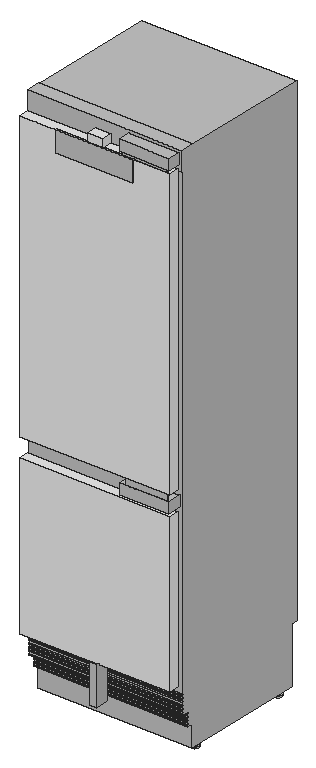
Revit family "FP-Revit18-RS2484WRUK1-FridgeFreezer-0-CA-US-90001070A", category Specialty Equipment, Revit 2020 (continued)
Definition of nested family "Handle Professional Round - Vertical"
  Automatic sketch dimensions
    Sweep 4 sketch curve to profile plane = 0 mm  (x2)
    Sweep 4 sketch curve to profile plane = 3 mm  (x2)
    Sweep 5 sketch curve to profile plane = 0 mm  (x2)
    Sweep 5 sketch curve to profile plane = 3 mm  (x2)
    Extrusion 6 sketch curve to plane 3 "Center (Left/Right)" = 0 mm
    Extrusion 6 sketch curve to plane 3 "Center (Left/Right)" = 18.5 mm
    plane 1 "Center (Front/Back)" to Extrusion 6 sketch curve = 41.7 mm
    Extrusion 6 sketch curve to Extrusion 6 sketch curve = 41.7 mm
    Extrusion 7 sketch curve to plane 3 "Center (Left/Right)" = 0 mm
    Extrusion 7 sketch curve to plane 3 "Center (Left/Right)" = 18.5 mm
    plane 1 "Center (Front/Back)" to Extrusion 7 sketch curve = 41.7 mm
    Extrusion 7 sketch curve to Extrusion 7 sketch curve = 41.7 mm
    radius of Extrusion 3 sketch curve = 12.7 mm
Definition of nested family "Handle Professional Round Flush - Vertical"
  Parameters (values of type "AHP3-RD84 - Professional round flush handle (Vertical) 677mm")
    URL = "www.fisherpaykel.com"
    Material - Handle = none
    Manufacturer = "Fisher & Paykel Appliances"
    Handle - Length = 677 mm
    Default Elevation = 0 mm
  Types (4): name
    (no name)
    AHP3RD2484W - Professional round flush handle (1 of 2) (Vertical) 677mm
    AHP3RD3084W - Professional round flush handle (1 of 2) (Vertical) 677mm
    AHP3-RD84 - Professional round flush handle (Vertical) 677mm
  Reference planes
    plane 1 "Center (Front/Back)": y = 0
    plane 2: z = 0
    plane 3 "Center (Left/Right)": x = 0
    plane 4 "Top": z = 338.5
    plane 5 "Bottom": z = -338.5
    plane 6 "Top Standoff": z = 303.5
    plane 7 "Bottom Standoff": z = -303.5
  Forms (mm)
    Extrusion 1, solid, material <- "Material - Handle", detail levels fine
      sketch origin (0, 0, 0) x (1, 0, 0) y (0, 1, 0)
        loop
          arc (-12.817, -46.665) -> (0, -58.016) -> (12.817, -46.665) r 12.912
          line (12.817, -46.665) -> (18.5, 0) -> (-18.5, 0) -> (-12.817, -46.665)
      from 303.5 to 338.5
    Extrusion 2, solid, material <- "Material - Handle", detail levels fine
      sketch origin (0, 0, 0) x (1, 0, 0) y (0, 1, 0)
        loop
          arc (-12.817, -46.665) -> (0, -58.016) -> (12.817, -46.665) r 12.912
          line (12.817, -46.665) -> (18.5, 0) -> (-18.5, 0) -> (-12.817, -46.665)
      from -338.5 to -303.5
    Extrusion 3, solid, material <- "Material - Handle"
      sketch origin (0, 0, 0) x (1, 0, 0) y (0, 1, 0)
        loop
          circle (0, -45.116) r 12.7
      from -303.5 to 303.5
    Sweep 4, void
      path in 3D
        loop
          line (18.5, 0, 338.5) -> (12.817, -46.665, 338.5)
          arc (12.817, -46.665, 338.5) -> (0, -58.016, 338.5) -> (-12.817, -46.665, 338.5) r 12.912
          line (-12.817, -46.665, 338.5) -> (-18.5, 0, 338.5)
      profile origin (0, -58.016, 338.5) x (0, -1, 0) y (0, 0, 1)
        loop
          line (0, 0) -> (-1.5, 0) -> (0, -1.5) -> (0, 0)
    Sweep 5, void
      path in 3D
        loop
          line (-18.5, 0, -338.5) -> (-12.817, -46.665, -338.5)
          arc (-12.817, -46.665, -338.5) -> (0, -58.016, -338.5) -> (12.817, -46.665, -338.5) r 12.912
          line (12.817, -46.665, -338.5) -> (18.5, 0, -338.5)
      profile origin (0, -58.016, -338.5) x (0, -1, 0) y (0, 0, -1)
        loop
          line (0, 0) -> (-1.5, 0) -> (0, -1.5) -> (0, 0)
    Extrusion 6, solid, material <- "Material - Handle", detail levels coarse+medium
      sketch origin (0, 0, 0) x (1, 0, 0) y (0, 1, 0)
        loop
          arc (-12.817, -46.665) -> (0, -58.016) -> (12.817, -46.665) r 12.912
          line (12.817, -46.665) -> (18.5, 0) -> (-18.5, 0) -> (-12.817, -46.665)
      from 303.5 to 338.5
    Extrusion 7, solid, material <- "Material - Handle", detail levels coarse+medium
      sketch origin (0, 0, 0) x (1, 0, 0) y (0, 1, 0)
        loop
          arc (-12.817, -46.665) -> (0, -58.016) -> (12.817, -46.665) r 12.912
          line (12.817, -46.665) -> (18.5, 0) -> (-18.5, 0) -> (-12.817, -46.665)
      from -338.5 to -303.5
  Cuts and joins
    Sweep 4 cuts Extrusion 1
    Sweep 5 cuts Extrusion 2
  Lines and regions (mm)
    sketch lines
      curve 1: arc (12.817, -46.665, 338.5) -> (0, -58.016, 338.5) -> (-12.817, -46.665, 338.5) r 12.912
      curve 2: line (12.817, -46.665, 338.5) -> (18.5, 0, 338.5)
      curve 3: line (-18.5, 0, 338.5) -> (-12.817, -46.665, 338.5)
      curve 4: arc (-12.817, -46.665, -338.5) -> (0, -58.016, -338.5) -> (12.817, -46.665, -338.5) r 12.912
      curve 5: line (18.5, 0, -338.5) -> (12.817, -46.665, -338.5)
      curve 6: line (-12.817, -46.665, -338.5) -> (-18.5, 0, -338.5)
  Dimensions and locks
    equal spacing: plane 4 "Top", level, plane 5 "Bottom"
    "Handle - Length": plane 4 "Top" to plane 5 "Bottom"
    aligned and locked: level to plane 2
    aligned and locked: plane 4 "Top" to Extrusion 1
    aligned and locked: Extrusion 1 to plane 6 "Top Standoff"
    aligned and locked: Extrusion 2 to plane 5 "Bottom"
    aligned and locked: plane 1 "Center (Front/Back)" to Extrusion 2 sketch curve
    aligned and locked: plane 6 "Top Standoff" to Extrusion 3
    aligned and locked: Extrusion 3 to plane 7 "Bottom Standoff"
  Automatic sketch dimensions
    plane 1 "Center (Front/Back)" to Extrusion 1 sketch curve = 0 mm
    Extrusion 1 sketch curve to plane 3 "Center (Left/Right)" = 0 mm
    Extrusion 1 sketch curve to plane 3 "Center (Left/Right)" = 12.817 mm
    Extrusion 1 sketch curve to plane 3 "Center (Left/Right)" = 18.5 mm
    plane 3 "Center (Left/Right)" to Extrusion 1 sketch curve = 12.817 mm
    plane 3 "Center (Left/Right)" to Extrusion 1 sketch curve = 18.5 mm
    plane 1 "Center (Front/Back)" to Extrusion 1 sketch curve = 45.104 mm
    Extrusion 1 sketch curve to Extrusion 1 sketch curve = 1.561 mm
    Extrusion 2 sketch curve to plane 3 "Center (Left/Right)" = 0 mm
    Extrusion 2 sketch curve to plane 3 "Center (Left/Right)" = 12.817 mm
    Extrusion 2 sketch curve to plane 3 "Center (Left/Right)" = 18.5 mm
    plane 3 "Center (Left/Right)" to Extrusion 2 sketch curve = 12.817 mm
    plane 3 "Center (Left/Right)" to Extrusion 2 sketch curve = 18.5 mm
    plane 1 "Center (Front/Back)" to Extrusion 2 sketch curve = 45.104 mm
    Extrusion 2 sketch curve to Extrusion 2 sketch curve = 1.561 mm
    Extrusion 3 sketch curve to plane 3 "Center (Left/Right)" = 0 mm
    plane 1 "Center (Front/Back)" to Extrusion 3 sketch curve = 45.116 mm
    Sweep 4 sketch curve to profile plane = 0 mm  (x2)
    profile plane to Sweep 4 sketch curve = 1.5 mm
    Sweep 4 sketch curve to profile plane = 1.5 mm
    profile plane to Sweep 5 sketch curve = 0 mm
    Sweep 5 sketch curve to profile plane = 0 mm
    profile plane to Sweep 5 sketch curve = 1.5 mm
    Sweep 5 sketch curve to profile plane = 1.5 mm
    Extrusion 6 sketch curve to plane 3 "Center (Left/Right)" = 0 mm
    Extrusion 6 sketch curve to plane 3 "Center (Left/Right)" = 12.817 mm
    Extrusion 6 sketch curve to plane 3 "Center (Left/Right)" = 18.5 mm
    plane 3 "Center (Left/Right)" to Extrusion 6 sketch curve = 12.817 mm
    plane 3 "Center (Left/Right)" to Extrusion 6 sketch curve = 18.5 mm
    plane 1 "Center (Front/Back)" to Extrusion 6 sketch curve = 46.665 mm
    Extrusion 6 sketch curve to Extrusion 6 sketch curve = 1.561 mm
    Extrusion 6 sketch curve to Extrusion 6 sketch curve = 46.665 mm
    Extrusion 7 sketch curve to plane 3 "Center (Left/Right)" = 0 mm
    Extrusion 7 sketch curve to plane 3 "Center (Left/Right)" = 12.817 mm
    Extrusion 7 sketch curve to plane 3 "Center (Left/Right)" = 18.5 mm
    plane 3 "Center (Left/Right)" to Extrusion 7 sketch curve = 12.817 mm
    plane 3 "Center (Left/Right)" to Extrusion 7 sketch curve = 18.5 mm
    plane 1 "Center (Front/Back)" to Extrusion 7 sketch curve = 46.665 mm
    Extrusion 7 sketch curve to Extrusion 7 sketch curve = 1.561 mm
    Extrusion 7 sketch curve to Extrusion 7 sketch curve = 46.665 mm
    radius of Extrusion 3 sketch curve = 12.7 mm
Definition of nested family "Handle Professional Square - Vertical"
  Parameters (values of type "AHV2RS3272A - Professional square handle (1 of 2) (Vertical) 727mm")
    URL = "www.fisherpaykel.com"
    Material - Handle = none
    Manufacturer = "Fisher & Paykel Appliances"
    Handle - Length = 727 mm
    Default Elevation = 0 mm
  Types (5, lengths in mm): name | Handle - Length
    (no name) | 727
    AHV2RD2484W - Professional square handle (1 of 2) (Vertical) 727mm | 727
    AHV2RD3084W - Professional square handle (1 of 2) (Vertical) 727mm | 727
    AHV2-RD84 - Professional square handle (Vertical) 792mm | 792
    AHV2RS3272A - Professional square handle (1 of 2) (Vertical) 727mm | 727
  Reference planes
    plane 1 "Center (Front/Back)": y = 0
    plane 2: z = 0
    plane 3 "Center (Left/Right)": x = 0
    plane 4 "Top": z = 363.5
    plane 5 "Bottom": z = -363.5
    plane 6 "Top Standoff": z = 313.5
    plane 7 "Bottom Standoff": z = -313.5
  Forms (mm)
    Extrusion 1, solid, material <- "Material - Handle", detail levels fine
      sketch origin (0, 0, 0) x (0, 1, 0) y (0, 0, 1)
        loop
          line (0, 363.5) -> (-40, 363.5)
          arc (-40, 363.5) -> (-47.071, 360.571) -> (-50, 353.5) r 10
          line (-50, 353.5) -> (-50, 313.5) -> (0, 313.5) -> (0, 363.5)
        loop
          line (0, -363.5) -> (0, -313.5) -> (-50, -313.5) -> (-50, -353.5)
          arc (-50, -353.5) -> (-47.071, -360.571) -> (-40, -363.5) r 10
          line (-40, -363.5) -> (0, -363.5)
      from -17.5 to 17.5
    Sweep 2, void
      path in 3D
        loop
          line (17.5, 0, 363.5) -> (17.5, -40, 363.5)
          arc (17.5, -40, 363.5) -> (17.5, -47.071, 360.571) -> (17.5, -50, 353.5) r 10
          line (17.5, -50, 353.5) -> (17.5, -50, 313.5)
      profile origin (17.5, -20, 363.5) x (1, 0, 0) y (0, 0, 1)
        loop
          line (0, 0) -> (-2.5, 0) -> (0, -2.5) -> (0, 0)
    Sweep 3, void
      path in 3D
        loop
          line (-17.5, -50, 313.5) -> (-17.5, -50, 353.5)
          arc (-17.5, -50, 353.5) -> (-17.5, -47.071, 360.571) -> (-17.5, -40, 363.5) r 10
          line (-17.5, -40, 363.5) -> (-17.5, 0, 363.5)
      profile origin (-17.5, -20, 363.5) x (-1, 0, 0) y (0, 0, 1)
        loop
          line (0, 0) -> (-2.5, 0) -> (0, -2.5) -> (0, 0)
    Sweep 4, void
      path in 3D
        loop
          line (17.5, -50, -313.5) -> (17.5, -50, -353.5)
          arc (17.5, -50, -353.5) -> (17.5, -47.071, -360.571) -> (17.5, -40, -363.5) r 10
          line (17.5, -40, -363.5) -> (17.5, 0, -363.5)
      profile origin (17.5, -20, -363.5) x (1, 0, 0) y (0, 0, -1)
        loop
          line (0, 0) -> (-2.5, 0) -> (0, -2.5) -> (0, 0)
    Sweep 5, void
      path in 3D
        loop
          line (-17.5, 0, -363.5) -> (-17.5, -40, -363.5)
          arc (-17.5, -40, -363.5) -> (-17.5, -47.071, -360.571) -> (-17.5, -50, -353.5) r 10
          line (-17.5, -50, -353.5) -> (-17.5, -50, -313.5)
      profile origin (-17.5, -20, -363.5) x (-1, 0, 0) y (0, 0, -1)
        loop
          line (0, 0) -> (-2.5, 0) -> (0, -2.5) -> (0, 0)
    Extrusion 6, solid, material <- "Material - Handle", detail levels fine
      sketch origin (0, 0, 0) x (1, 0, 0) y (0, 1, 0)
        loop
          line (-15.5, -36.737) -> (-15.5, -46.422) -> (-14.172, -47.75) -> (14.172, -47.75) -> (15.5, -46.422) -> (15.5, -36.737)
          arc (15.5, -36.737) -> (0, -32.25) -> (-15.5, -36.737) r 29.013
      from -313.5 to 313.5
    Extrusion 7, solid, material <- "Material - Handle", detail levels coarse+medium
      sketch origin (0, 0, 0) x (0, 1, 0) y (0, 0, 1)
        loop
          line (0, 363.5) -> (-40, 363.5)
          arc (-40, 363.5) -> (-47.071, 360.571) -> (-50, 353.5) r 10
          line (-50, 353.5) -> (-50, -353.5)
          arc (-50, -353.5) -> (-47.071, -360.571) -> (-40, -363.5) r 10
          line (-40, -363.5) -> (0, -363.5) -> (0, -313.5) -> (-31.95, -313.5) -> (-31.95, 313.5) -> (0, 313.5) -> (0, 363.5)
      from -17.5 to 17.5
  Cuts and joins
    Sweep 2, Sweep 3, Sweep 4, Sweep 5 cuts Extrusion 1
  Lines and regions (mm)
    sketch lines
      curve 1: line (17.5, 0, 363.5) -> (17.5, -40, 363.5)
      curve 2: arc (17.5, -50, 353.5) -> (17.5, -47.071, 360.571) -> (17.5, -40, 363.5) r 10
      curve 3: line (17.5, -50, 353.5) -> (17.5, -50, 313.5)
      curve 4: line (-17.5, -40, 363.5) -> (-17.5, 0, 363.5)
      curve 5: arc (-17.5, -40, 363.5) -> (-17.5, -47.071, 360.571) -> (-17.5, -50, 353.5) r 10
      curve 6: line (-17.5, -50, 313.5) -> (-17.5, -50, 353.5)
      curve 7: line (17.5, -40, -363.5) -> (17.5, 0, -363.5)
      curve 8: arc (17.5, -40, -363.5) -> (17.5, -47.071, -360.571) -> (17.5, -50, -353.5) r 10
      curve 9: line (17.5, -50, -313.5) -> (17.5, -50, -353.5)
      curve 10: line (-17.5, 0, -363.5) -> (-17.5, -40, -363.5)
      curve 11: arc (-17.5, -50, -353.5) -> (-17.5, -47.071, -360.571) -> (-17.5, -40, -363.5) r 10
      curve 12: line (-17.5, -50, -353.5) -> (-17.5, -50, -313.5)
  Dimensions and locks
    equal spacing: plane 4 "Top", level, plane 5 "Bottom"
    "Handle - Length": plane 4 "Top" to plane 5 "Bottom"
    plane 7 "Bottom Standoff" to plane 5 "Bottom" = 50 mm
    plane 4 "Top" to plane 6 "Top Standoff" = 50 mm
    aligned and locked: level to plane 2
    aligned and locked: plane 4 "Top" to Extrusion 1 sketch curve
    aligned and locked: plane 5 "Bottom" to Extrusion 1 sketch curve
    aligned and locked: Extrusion 1 sketch curve to plane 1 "Center (Front/Back)"
    aligned and locked: plane 1 "Center (Front/Back)" to Extrusion 1 sketch curve
    aligned and locked: plane 6 "Top Standoff" to Extrusion 1 sketch curve
    aligned and locked: plane 7 "Bottom Standoff" to Extrusion 1 sketch curve
    aligned and locked: plane 6 "Top Standoff" to Extrusion 6
    aligned and locked: Extrusion 6 to plane 7 "Bottom Standoff"
    aligned and locked: plane 4 "Top" to Extrusion 7 sketch curve
    aligned and locked: plane 6 "Top Standoff" to Extrusion 7 sketch curve
    aligned and locked: plane 1 "Center (Front/Back)" to Extrusion 7 sketch curve
    aligned and locked: plane 7 "Bottom Standoff" to Extrusion 7 sketch curve
    aligned and locked: plane 5 "Bottom" to Extrusion 7 sketch curve
    aligned and locked: Extrusion 7 sketch curve to plane 1 "Center (Front/Back)"
  Automatic sketch dimensions
    Sweep 2 sketch curve to profile plane = 0 mm
    profile plane to Sweep 2 sketch curve = 0 mm
    profile plane to Sweep 2 sketch curve = 2.5 mm
    Sweep 2 sketch curve to profile plane = 2.5 mm
    Sweep 3 sketch curve to profile plane = 0 mm  (x2)
    profile plane to Sweep 3 sketch curve = 2.5 mm
    Sweep 3 sketch curve to profile plane = 2.5 mm
    Sweep 4 sketch curve to profile plane = 0 mm
    profile plane to Sweep 4 sketch curve = 0 mm
    profile plane to Sweep 4 sketch curve = 2.5 mm
    Sweep 4 sketch curve to profile plane = 2.5 mm
    Sweep 5 sketch curve to profile plane = 0 mm  (x2)
    profile plane to Sweep 5 sketch curve = 2.5 mm
    Sweep 5 sketch curve to profile plane = 2.5 mm
    plane 1 "Center (Front/Back)" to Extrusion 1 sketch curve = 40 mm  (x2)
    Extrusion 1 sketch curve to Extrusion 1 sketch curve = 10 mm  (x2)
    Extrusion 6 sketch curve to plane 3 "Center (Left/Right)" = 0 mm
    Extrusion 6 sketch curve to Extrusion 6 sketch curve = 1.328 mm  (x4)
    plane 1 "Center (Front/Back)" to Extrusion 6 sketch curve = 61.263 mm
    Extrusion 6 sketch curve to Extrusion 6 sketch curve = 13.513 mm
    Extrusion 6 sketch curve to Extrusion 6 sketch curve = 9.684 mm  (x2)
    Extrusion 6 sketch curve to plane 3 "Center (Left/Right)" = 14.172 mm
    plane 1 "Center (Front/Back)" to Extrusion 7 sketch curve = 31.95 mm
    plane 1 "Center (Front/Back)" to Extrusion 7 sketch curve = 40 mm  (x2)
    Extrusion 7 sketch curve to plane 4 "Top" = 10 mm
Definition of nested family "Handle Contemporary Round - Horizontal"
  Parameters (values of type "AHSRS80A - Contemporary round handle (2 of 2) (Horizontal) 646mm")
    URL = "www.fisherpaykel.com"
    Product - Width = 646 mm
    Material - Handle = none
    Manufacturer = "Fisher & Paykel Appliances"
    Default Elevation = 0 mm
  Types (5, lengths in mm): name | Product - Width
    (no name) | 646
    AHSRD2484W - Contemporary round handle (2 of 2) (Horizontal) 494mm | 494
    AHSRD3084W - Contemporary round handle (2 of 2) (Horizontal) 646mm | 646
    AHSRS3272A - Contemporary round handle (2 of 2) (Horizontal) 646mm | 646
    AHSRS80A - Contemporary round handle (2 of 2) (Horizontal) 646mm | 646
  Reference planes
    plane 1 "Center (Front/Back)": y = 0
    plane 2: z = 0
    plane 3 "Center (Left/Right)": x = 0
    plane 4 "Product LHS": x = -323
    plane 5 "Product RHS": x = 323
    plane 6 "LHS Standoff": x = -202.995
    plane 7 "RHS Standoff": x = 203.005
  Forms (mm)
    Extrusion 1, solid, material <- "Material - Handle"
      sketch origin (0, 0, 0) x (0, 1, 0) y (0, 0, 1)
        loop
          circle (-32.3, 0) r 8.7
      from -202.995 to 203.005
    Extrusion 2, solid, material <- "Material - Handle", detail levels fine
      sketch origin (0, 0, 0) x (0, 1, 0) y (0, 0, 1)
        loop
          line (0, 8.7) -> (-32.3, 8.7)
          arc (-32.3, 8.7) -> (-41, 0) -> (-32.3, -8.7) r 8.7
          line (-32.3, -8.7) -> (0, -8.7) -> (0, 8.7)
      from 203.005 to 323
    Extrusion 3, solid, material <- "Material - Handle", detail levels fine
      sketch origin (0, 0, 0) x (0, 1, 0) y (0, 0, -1)
        loop
          line (0, -8.7) -> (0, 8.7) -> (-32.3, 8.7)
          arc (-32.3, 8.7) -> (-41, 0) -> (-32.3, -8.7) r 8.7
          line (-32.3, -8.7) -> (0, -8.7)
      from 202.995 to 323
    Sweep 4, void
      path in 3D
        loop
          line (323, 0, 8.7) -> (323, -32.3, 8.7)
          arc (323, -32.3, 8.7) -> (323, -41, 0) -> (323, -32.3, -8.7) r 8.7
          line (323, -32.3, -8.7) -> (323, 0, -8.7)
      profile origin (323, -16.15, 8.7) x (1, 0, 0) y (0, 0, 1)
        loop
          line (0, 0) -> (-1, 0) -> (0, -1) -> (0, 0)
    Sweep 5, void
      path in 3D
        loop
          line (-323, 0, -8.7) -> (-323, -32.3, -8.7)
          arc (-323, -32.3, -8.7) -> (-323, -41, 0) -> (-323, -32.3, 8.7) r 8.7
          line (-323, -32.3, 8.7) -> (-323, 0, 8.7)
      profile origin (-323, -16.15, 8.7) x (-1, 0, 0) y (0, 0, 1)
        loop
          line (0, 0) -> (-1, 0) -> (0, -1) -> (0, 0)
    Extrusion 6, solid, material <- "Material - Handle", detail levels coarse+medium
      sketch origin (0, 0, 0) x (0, 1, 0) y (0, 0, 1)
        loop
          line (0, 8.7) -> (-32.3, 8.7)
          arc (-32.3, 8.7) -> (-41, 0) -> (-32.3, -8.7) r 8.7
          line (-32.3, -8.7) -> (0, -8.7) -> (0, 8.7)
      from 203.005 to 323
    Extrusion 7, solid, material <- "Material - Handle", detail levels coarse+medium
      sketch origin (0, 0, 0) x (0, 1, 0) y (0, 0, -1)
        loop
          line (0, -8.7) -> (0, 8.7) -> (-32.3, 8.7)
          arc (-32.3, 8.7) -> (-41, 0) -> (-32.3, -8.7) r 8.7
          line (-32.3, -8.7) -> (0, -8.7)
      from 202.995 to 323
  Cuts and joins
    Sweep 4 cuts Extrusion 2
    Sweep 5 cuts Extrusion 3
  Lines and regions (mm)
    sketch lines
      curve 1: line (323, 0, 8.7) -> (323, -32.3, 8.7)
      curve 2: arc (323, -32.3, -8.7) -> (323, -41, 0) -> (323, -32.3, 8.7) r 8.7
      curve 3: line (323, -32.3, -8.7) -> (323, 0, -8.7)
      curve 4: line (-323, -32.3, 8.7) -> (-323, 0, 8.7)
      curve 5: arc (-323, -32.3, 8.7) -> (-323, -41, 0) -> (-323, -32.3, -8.7) r 8.7
      curve 6: line (-323, 0, -8.7) -> (-323, -32.3, -8.7)
  Dimensions and locks
    equal spacing: plane 4 "Product LHS", plane 3 "Center (Left/Right)", plane 5 "Product RHS"
    "Product - Width": plane 4 "Product LHS" to plane 5 "Product RHS"
    locked: plane 4 "Product LHS" to plane 6 "LHS Standoff" at 120.005
    locked: plane 7 "RHS Standoff" to plane 5 "Product RHS" at 119.995
    equal spacing: Extrusion 2 sketch curve, level, Extrusion 2 sketch curve
    Extrusion 3 sketch curve to Extrusion 3 sketch curve = 17.4 mm
    Extrusion 6 sketch curve to Extrusion 6 sketch curve = 17.4 mm
    Extrusion 7 sketch curve to Extrusion 7 sketch curve = 17.4 mm
    aligned and locked: level to plane 2
    aligned and locked: plane 7 "RHS Standoff" to Extrusion 1
    aligned and locked: Extrusion 2 to Extrusion 1
    aligned and locked: Extrusion 2 to plane 5 "Product RHS"
    aligned and locked: plane 4 "Product LHS" to Extrusion 3
    aligned and locked: plane 6 "LHS Standoff" to Extrusion 3
    aligned and locked: Extrusion 1 to plane 6 "LHS Standoff"
    aligned and locked: Extrusion 6 to Extrusion 1
    aligned and locked: Extrusion 6 to plane 5 "Product RHS"
    aligned and locked: plane 4 "Product LHS" to Extrusion 7
    aligned and locked: Extrusion 7 to Extrusion 1
  Automatic sketch dimensions
    Extrusion 1 sketch curve to level = 0 mm
    plane 1 "Center (Front/Back)" to Extrusion 1 sketch curve = 32.3 mm
    Extrusion 2 sketch curve to plane 1 "Center (Front/Back)" = 0 mm
    Extrusion 2 sketch curve to level = 8.7 mm
    plane 1 "Center (Front/Back)" to Extrusion 2 sketch curve = 32.3 mm
    Extrusion 3 sketch curve to level = 0 mm
    Extrusion 3 sketch curve to plane 1 "Center (Front/Back)" = 0 mm
    Extrusion 3 sketch curve to level = 8.7 mm
    plane 1 "Center (Front/Back)" to Extrusion 3 sketch curve = 32.3 mm
    Sweep 4 sketch curve to profile plane = 0 mm
    profile plane to Sweep 4 sketch curve = 0 mm
    profile plane to Sweep 4 sketch curve = 1 mm
    Sweep 4 sketch curve to profile plane = 1 mm
    Sweep 5 sketch curve to profile plane = 0 mm  (x2)
    profile plane to Sweep 5 sketch curve = 1 mm
    Sweep 5 sketch curve to profile plane = 1 mm
    Extrusion 6 sketch curve to level = 0 mm
    level to Extrusion 6 sketch curve = 8.7 mm
    plane 1 "Center (Front/Back)" to Extrusion 6 sketch curve = 32.3 mm
    Extrusion 6 sketch curve to Extrusion 6 sketch curve = 32.3 mm
    Extrusion 7 sketch curve to level = 0 mm
    level to Extrusion 7 sketch curve = 8.7 mm
    plane 1 "Center (Front/Back)" to Extrusion 7 sketch curve = 32.3 mm
    Extrusion 7 sketch curve to Extrusion 7 sketch curve = 32.3 mm
    radius of Extrusion 1 sketch curve = 8.7 mm
Definition of nested family "Handle Contemporary Square - Horizontal"
  Parameters (values of type "AHD3RD3084W - Contemporary square handle (2 of 2) (Horizontal) 646mm")
    URL = "www.fisherpaykel.com"
    Material - Handle = none
    Manufacturer = "Fisher & Paykel Appliances"
    Handle - Length = 646 mm
    Default Elevation = 0 mm
  Types (5, lengths in mm): name | Handle - Length
    (no name) | 646
    AHD3RD2484W - Contemporary square handle (2 of 2) (Horizontal) 494mm | 494
    AHD3RD3084W - Contemporary square handle (2 of 2) (Horizontal) 646mm | 646
    AHD3RS3272A - Contemporary square handle (2 of 2) (Horizontal) 646mm | 646
    AHD3RS80A - Contemporary square handle (2 of 2) (Horizontal) 646mm | 646
  Reference planes
    plane 1 "Center (Front/Back)": y = 0
    plane 2: z = 0
    plane 3 "Center (Left/Right)": x = 0
    plane 4 "Product LHS": x = -323
    plane 5 "Product RHS": x = 323
    plane 6 "LHS Standoff": x = -202.995
    plane 7 "RHS Standoff": x = 203.005
  Forms (mm)
    Extrusion 1, solid, material <- "Material - Handle", detail levels fine
      sketch origin (0, 0, 0) x (0, 1, 0) y (0, 0, 1)
        loop
          arc (-28.701, 7.561) -> (-29.057, 7.868) -> (-29.514, 7.978) r 1
          line (-29.514, 7.978) -> (-40.5, 7.978)
          arc (-40.5, 7.978) -> (-41.561, 7.539) -> (-42, 6.478) r 1.5
          line (-42, 6.478) -> (-42, -6.522)
          arc (-42, -6.522) -> (-41.561, -7.583) -> (-40.5, -8.022) r 1.5
          line (-40.5, -8.022) -> (-29.487, -8.022)
          arc (-29.487, -8.022) -> (-29.029, -7.911) -> (-28.673, -7.602) r 1
          arc (-28.673, -7.602) -> (-26.256, -0.016) -> (-28.701, 7.561) r 13.038
      from -323 to 323
    Extrusion 2, solid, material <- "Material - Handle", detail levels fine
      sketch origin (0, 0, 0) x (0, 1, 0) y (0, 0, 1)
        loop
          arc (-28.23, 7.062) -> (-26.156, 0.008) -> (-28.198, -7.056) r 13.136
          arc (-28.198, -7.056) -> (-28.21, -7.463) -> (-27.86, -7.67) r 0.4
          line (-27.86, -7.67) -> (0, -7.67) -> (0, 7.678) -> (-27.893, 7.678)
          arc (-27.893, 7.678) -> (-28.244, 7.47) -> (-28.23, 7.062) r 0.4
      from 203.005 to 323
    Extrusion 3, solid, material <- "Material - Handle", detail levels fine
      sketch origin (0, 0, 0) x (0, 1, 0) y (0, 0, -1)
        loop
          arc (-28.23, -7.062) -> (-28.244, -7.47) -> (-27.893, -7.678) r 0.4
          line (-27.893, -7.678) -> (0, -7.678) -> (0, 7.67) -> (-27.86, 7.67)
          arc (-27.86, 7.67) -> (-28.21, 7.463) -> (-28.198, 7.056) r 0.4
          arc (-28.198, 7.056) -> (-26.156, -0.008) -> (-28.23, -7.062) r 13.136
      from 202.995 to 323
    Sweep 4, void
      path in 3D
        loop
          line (323, -29.514, 7.978) -> (323, -40.5, 7.978)
          arc (323, -40.5, 7.978) -> (323, -41.561, 7.539) -> (323, -42, 6.478) r 1.5
          line (323, -42, 6.478) -> (323, -42, -6.522)
          arc (323, -42, -6.522) -> (323, -41.561, -7.583) -> (323, -40.5, -8.022) r 1.5
          line (323, -40.5, -8.022) -> (323, -29.487, -8.022)
      profile origin (323, -35.007, 7.978) x (1, 0, 0) y (0, 0, 1)
        loop
          line (0, 0) -> (-1.3, 0) -> (0, -1.3) -> (0, 0)
    Sweep 5, void
      path in 3D
        loop
          line (-323, -29.487, -8.022) -> (-323, -40.5, -8.022)
          arc (-323, -40.5, -8.022) -> (-323, -41.561, -7.583) -> (-323, -42, -6.522) r 1.5
          line (-323, -42, -6.522) -> (-323, -42, 6.478)
          arc (-323, -42, 6.478) -> (-323, -41.561, 7.539) -> (-323, -40.5, 7.978) r 1.5
          line (-323, -40.5, 7.978) -> (-323, -29.514, 7.978)
      profile origin (-323, -35.007, 7.978) x (-1, 0, 0) y (0, 0, 1)
        loop
          line (0, 0) -> (-1.3, 0) -> (0, -1.3) -> (0, 0)
    Extrusion 6, void
      sketch origin (0, 0, 0) x (1, 0, 0) y (0, 0, 1)
        loop
          line (323, 7.978) -> (321.7, 7.978) -> (323, 6.678) -> (323, 7.978)
        loop
          line (323, -8.022) -> (323, -6.722) -> (321.7, -8.022) -> (323, -8.022)
      from 0 to 40
    Extrusion 7, void
      sketch origin (0, 0, 0) x (1, 0, 0) y (0, 0, 1)
        loop
          line (-323, 7.978) -> (-323, 6.678) -> (-321.7, 7.978) -> (-323, 7.978)
        loop
          line (-323, -8.022) -> (-321.7, -8.022) -> (-323, -6.722) -> (-323, -8.022)
      from 0 to 40
    Extrusion 8, solid, material <- "Material - Handle", detail levels coarse+medium
      sketch origin (0, 0, 0) x (1, 0, 0) y (0, 1, 0)
        loop
          line (-323, -42) -> (323, -42) -> (323, 0) -> (203.005, 0) -> (203.005, -26.156) -> (-202.995, -26.156) -> (-202.995, 0) -> (-323, 0) -> (-323, -42)
      from -8.022 to 7.978
  Cuts and joins
    Sweep 4, Sweep 5, Extrusion 6, Extrusion 7 cuts Extrusion 1
    Extrusion 6 cuts Extrusion 2
    Extrusion 7 cuts Extrusion 3
  Lines and regions (mm)
    sketch lines
      curve 1: line (323, -29.514, 7.978) -> (323, -40.5, 7.978)
      curve 2: arc (323, -42, 6.478) -> (323, -41.561, 7.539) -> (323, -40.5, 7.978) r 1.5
      curve 3: line (323, -42, 6.478) -> (323, -42, -6.522)
      curve 4: arc (323, -40.5, -8.022) -> (323, -41.561, -7.583) -> (323, -42, -6.522) r 1.5
      curve 5: line (323, -40.5, -8.022) -> (323, -29.487, -8.022)
      curve 6: line (-323, -40.5, 7.978) -> (-323, -29.514, 7.978)
      curve 7: arc (-323, -40.5, 7.978) -> (-323, -41.561, 7.539) -> (-323, -42, 6.478) r 1.5
      curve 8: line (-323, -42, -6.522) -> (-323, -42, 6.478)
      curve 9: arc (-323, -42, -6.522) -> (-323, -41.561, -7.583) -> (-323, -40.5, -8.022) r 1.5
      curve 10: line (-323, -29.487, -8.022) -> (-323, -40.5, -8.022)
  Dimensions and locks
    equal spacing: plane 4 "Product LHS", plane 3 "Center (Left/Right)", plane 5 "Product RHS"
    "Handle - Length": plane 4 "Product LHS" to plane 5 "Product RHS"
    locked: plane 4 "Product LHS" to plane 6 "LHS Standoff" at 120.005
    locked: plane 7 "RHS Standoff" to plane 5 "Product RHS" at 119.995
    aligned and locked: level to plane 2
    aligned and locked: Extrusion 1 to plane 5 "Product RHS"
    aligned and locked: plane 4 "Product LHS" to Extrusion 1
    aligned and locked: Extrusion 2 to plane 5 "Product RHS"
    aligned and locked: plane 4 "Product LHS" to Extrusion 3
    aligned and locked: plane 4 "Product LHS" to Extrusion 8 sketch curve
    aligned and locked: Extrusion 8 sketch curve to plane 5 "Product RHS"
    aligned and locked: Extrusion 8 sketch curve to plane 7 "RHS Standoff"
    aligned and locked: plane 6 "LHS Standoff" to Extrusion 8 sketch curve
    aligned and locked: Extrusion 2 to plane 7 "RHS Standoff"
    aligned and locked: plane 6 "LHS Standoff" to Extrusion 3
  Automatic sketch dimensions
    Extrusion 1 sketch curve to level = 6.522 mm
    plane 1 "Center (Front/Back)" to Extrusion 1 sketch curve = 42 mm
    Extrusion 1 sketch curve to Extrusion 1 sketch curve = 1.5 mm  (x2)
    Extrusion 1 sketch curve to level = 0.04 mm
    Extrusion 1 sketch curve to Extrusion 1 sketch curve = 1.206 mm
    level to Extrusion 1 sketch curve = 6.978 mm
    Extrusion 1 sketch curve to Extrusion 1 sketch curve = 10.986 mm
    Extrusion 1 sketch curve to Extrusion 1 sketch curve = 11.013 mm
    Extrusion 1 sketch curve to Extrusion 1 sketch curve = 1 mm
    level to Extrusion 1 sketch curve = 6.478 mm
    Extrusion 1 sketch curve to Extrusion 1 sketch curve = 0 mm
    Extrusion 2 sketch curve to plane 1 "Center (Front/Back)" = 0 mm
    Extrusion 2 sketch curve to level = 7.67 mm
    Extrusion 2 sketch curve to Extrusion 2 sketch curve = 27.86 mm
    level to Extrusion 2 sketch curve = 7.678 mm
    Extrusion 2 sketch curve to Extrusion 2 sketch curve = 0.033 mm
    Extrusion 2 sketch curve to level = 0.022 mm
    Extrusion 2 sketch curve to Extrusion 2 sketch curve = 11.398 mm
    Extrusion 2 sketch curve to Extrusion 2 sketch curve = 0.4 mm  (x2)
    Extrusion 2 sketch curve to Extrusion 2 sketch curve = 0 mm
    Extrusion 3 sketch curve to plane 1 "Center (Front/Back)" = 0 mm
    Extrusion 3 sketch curve to level = 7.67 mm
    Extrusion 3 sketch curve to Extrusion 3 sketch curve = 27.86 mm
    level to Extrusion 3 sketch curve = 7.678 mm
    Extrusion 3 sketch curve to Extrusion 3 sketch curve = 0.033 mm
    Extrusion 3 sketch curve to level = 0.022 mm
    Extrusion 3 sketch curve to Extrusion 3 sketch curve = 11.398 mm
    Extrusion 3 sketch curve to Extrusion 3 sketch curve = 0.4 mm  (x2)
    Extrusion 3 sketch curve to Extrusion 3 sketch curve = 0 mm
    profile plane to Sweep 4 sketch curve = 0 mm
    Sweep 4 sketch curve to profile plane = 0 mm
    Sweep 4 sketch curve to profile plane = 1.3 mm
    profile plane to Sweep 4 sketch curve = 1.3 mm
    Sweep 5 sketch curve to profile plane = 0 mm  (x2)
    profile plane to Sweep 5 sketch curve = 1.3 mm
    Sweep 5 sketch curve to profile plane = 1.3 mm
    plane 5 "Product RHS" to Extrusion 6 sketch curve = 0 mm  (x2)
    Extrusion 6 sketch curve to Extrusion 6 sketch curve = 1.3 mm  (x4)
    Extrusion 6 sketch curve to level = 6.722 mm
    level to Extrusion 6 sketch curve = 6.678 mm
    plane 4 "Product LHS" to Extrusion 7 sketch curve = 0 mm  (x2)
    Extrusion 7 sketch curve to plane 4 "Product LHS" = 1.3 mm  (x2)
    Extrusion 7 sketch curve to level = 8.022 mm
    level to Extrusion 7 sketch curve = 6.678 mm
    Extrusion 7 sketch curve to Extrusion 7 sketch curve = 1.3 mm  (x2)
    plane 1 "Center (Front/Back)" to Extrusion 8 sketch curve = 0 mm  (x2)
    Extrusion 8 sketch curve to Extrusion 8 sketch curve = 26.156 mm
    Extrusion 8 sketch curve to Extrusion 8 sketch curve = 42 mm
Definition of nested family "F&P Handle Kit - Contemporary Square Fine - Horizontal"
  Parameters (values of type "AHD5RD2484W - Contemporary square fine handle (2 of 2) (Horizontal) 494mm")
    URL = "www.fisherpaykel.com"
    Material - Handle = none
    Manufacturer = "Fisher & Paykel Appliances"
    Handle - Length = 494 mm
    Default Elevation = 0 mm
  Types (15, lengths in mm): name | Handle - Length
    (no name) | 494
    AHD5RD2484W - Contemporary square fine handle (2 of 2) (Horizontal) 494mm | 494
    AHD5RD2484WB - Contemporary square fine black handle (2 of 2) (Horizontal) 494mm | 494
    AHD5RD3084W - Contemporary square fine handle (2 of 2) (Horizontal) 646mm | 646
    AHD5RD3084WB - Contemporary square fine black handle (2 of 2) (Horizontal) 646mm | 646
    AHD5RD7621W - Contemporary square fine handle (2 of 2) (Horizontal) 646mm | 646
    AHD5RD7621WB - Contemporary square fine handle black (2 of 2) (Horizontal) 646mm | 646
    AHD5RD6121W - Contemporary square fine handle (2 of 2) (Horizontal) 494mm | 494
    AHD5RD6121WB - Contemporary square fine handle black (2 of 2) (Horizontal) 494mm | 494
    AHD5RD36A - Contemporary square fine handle (2 of 2) (Horizontal) 746mm | 746
    AHD5RD36AB - Contemporary square fine black handle (2 of 2) (Horizontal) 746mm | 746
    AHD5RD90A - Contemporary square fine handle (2 of 2) (Horizontal) 746mm | 746
    AHD5RD80A - Contemporary square fine handle (2 of 2) (Horizontal) 646mm | 646
    AHD5RD80AB - Contemporary square fine black handle (2 of 2) (Horizontal) 646mm | 646
    AHD5RD90AB - Contemporary square fine black handle (2 of 2) (Horizontal) 746mm | 746
  Reference planes
    plane 1 "Center (Front/Back)": y = 0
    plane 2: z = 0
    plane 3 "Center (Left/Right)": x = 0
    plane 4 "Product LHS": x = -247
    plane 5 "Product RHS": x = 247
    plane 6 "LHS Standoff": x = -126.995
    plane 7 "RHS Standoff": x = 127.005
  Forms (mm)
    Extrusion 1, solid, material <- "Material - Handle", detail levels fine
      sketch origin (0, 0, 0) x (0, 1, 0) y (0, 0, 1)
        loop
          arc (-26.813, 6.16) -> (-27.196, 6.554) -> (-27.728, 6.686) r 1
          line (-27.728, 6.686) -> (-40.035, 6.256)
          arc (-40.035, 6.256) -> (-40.719, 5.951) -> (-41, 5.257) r 1
          line (-41, 5.257) -> (-41, -5.257)
          arc (-41, -5.257) -> (-40.719, -5.951) -> (-40.035, -6.256) r 1
          line (-40.035, -6.256) -> (-27.709, -6.686)
          arc (-27.709, -6.686) -> (-27.175, -6.554) -> (-26.792, -6.158) r 1
          arc (-26.792, -6.158) -> (-25.256, 0.004) -> (-26.813, 6.16) r 13.038
      from -247 to 247
    Extrusion 2, solid, material <- "Material - Handle", detail levels fine
      sketch origin (0, 0, 0) x (0, 1, 0) y (0, 0, 1)
        loop
          arc (-26.626, -6.008) -> (-26.614, -6.49) -> (-26.2, -6.737) r 0.5
          line (-26.2, -6.737) -> (0, -7.696) -> (0, 7.704) -> (-26.174, 6.747)
          arc (-26.174, 6.747) -> (-26.587, 6.5) -> (-26.6, 6.019) r 0.5
          arc (-26.6, 6.019) -> (-25.156, 0.002) -> (-26.626, -6.008) r 13.136
      from 127.005 to 247
    Extrusion 3, solid, material <- "Material - Handle", detail levels coarse+medium
      sketch origin (0, 0, 0) x (1, 0, 0) y (0, 1, 0)
        loop
          line (-247, -42) -> (247, -42) -> (247, 0) -> (127.005, 0) -> (127.005, -26.156) -> (-126.995, -26.156) -> (-126.995, 0) -> (-247, 0) -> (-247, -42)
      from -8.022 to 7.978
    Extrusion 4, solid, material <- "Material - Handle", detail levels fine
      sketch origin (0, 0, 0) x (0, 1, 0) y (0, 0, 1)
        loop
          arc (-26.626, -6.008) -> (-26.614, -6.49) -> (-26.2, -6.737) r 0.5
          line (-26.2, -6.737) -> (0, -7.696) -> (0, 7.704) -> (-26.174, 6.747)
          arc (-26.174, 6.747) -> (-26.587, 6.5) -> (-26.6, 6.019) r 0.5
          arc (-26.6, 6.019) -> (-25.156, 0.002) -> (-26.626, -6.008) r 13.136
      from -247 to -126.995
  Dimensions and locks
    equal spacing: plane 4 "Product LHS", plane 3 "Center (Left/Right)", plane 5 "Product RHS"
    "Handle - Length": plane 4 "Product LHS" to plane 5 "Product RHS"
    locked: plane 4 "Product LHS" to plane 6 "LHS Standoff" at 120.005
    locked: plane 7 "RHS Standoff" to plane 5 "Product RHS" at 119.995
    aligned and locked: level to plane 2
    aligned and locked: Extrusion 1 to plane 5 "Product RHS"
    aligned and locked: plane 4 "Product LHS" to Extrusion 1
    aligned and locked: Extrusion 2 to plane 5 "Product RHS"
    aligned and locked: plane 4 "Product LHS" to Extrusion 3 sketch curve
    aligned and locked: Extrusion 3 sketch curve to plane 5 "Product RHS"
    aligned and locked: Extrusion 3 sketch curve to plane 7 "RHS Standoff"
    aligned and locked: plane 6 "LHS Standoff" to Extrusion 3 sketch curve
    aligned and locked: plane 4 "Product LHS" to Extrusion 4
    aligned and locked: plane 6 "LHS Standoff" to Extrusion 4
    aligned and locked: Extrusion 2 to plane 7 "RHS Standoff"
  Automatic sketch dimensions
    Extrusion 1 sketch curve to level = 5.257 mm
    plane 1 "Center (Front/Back)" to Extrusion 1 sketch curve = 41 mm
    level to Extrusion 1 sketch curve = 6.256 mm
    Extrusion 1 sketch curve to Extrusion 1 sketch curve = 0.965 mm  (x2)
    Extrusion 1 sketch curve to level = 6.256 mm
    Extrusion 1 sketch curve to Extrusion 1 sketch curve = 0.035 mm  (x3)
    Extrusion 1 sketch curve to level = 0.018 mm
    Extrusion 1 sketch curve to Extrusion 1 sketch curve = 1.706 mm
    level to Extrusion 1 sketch curve = 6.686 mm
    Extrusion 1 sketch curve to Extrusion 1 sketch curve = 12.307 mm
    Extrusion 1 sketch curve to level = 6.686 mm
    Extrusion 1 sketch curve to Extrusion 1 sketch curve = 12.326 mm
    Extrusion 1 sketch curve to Extrusion 1 sketch curve = 0.999 mm  (x2)
    Extrusion 1 sketch curve to Extrusion 1 sketch curve = 0 mm
    Extrusion 2 sketch curve to plane 1 "Center (Front/Back)" = 0 mm
    level to Extrusion 2 sketch curve = 6.247 mm
    plane 1 "Center (Front/Back)" to Extrusion 2 sketch curve = 26.155 mm
    level to Extrusion 2 sketch curve = 6.747 mm
    Extrusion 2 sketch curve to Extrusion 2 sketch curve = 0.018 mm  (x2)
    Extrusion 2 sketch curve to level = 6.238 mm
    Extrusion 2 sketch curve to Extrusion 2 sketch curve = 0.026 mm
    Extrusion 2 sketch curve to level = 6.737 mm
    level to Extrusion 2 sketch curve = 0.03 mm
    Extrusion 2 sketch curve to Extrusion 2 sketch curve = 12.11 mm
    Extrusion 2 sketch curve to level = 7.696 mm
    level to Extrusion 2 sketch curve = 7.704 mm
    Extrusion 2 sketch curve to Extrusion 2 sketch curve = 0 mm
    plane 1 "Center (Front/Back)" to Extrusion 3 sketch curve = 42 mm
    Extrusion 3 sketch curve to Extrusion 3 sketch curve = 15.844 mm
    Extrusion 3 sketch curve to Extrusion 3 sketch curve = 26.156 mm  (x2)
    level to Extrusion 4 sketch curve = 0.03 mm
    plane 1 "Center (Front/Back)" to Extrusion 4 sketch curve = 38.291 mm
    Extrusion 4 sketch curve to level = 6.737 mm
    Extrusion 4 sketch curve to Extrusion 4 sketch curve = 12.091 mm
    Extrusion 4 sketch curve to Extrusion 4 sketch curve = 0.018 mm  (x2)
    level to Extrusion 4 sketch curve = 6.747 mm
    Extrusion 4 sketch curve to Extrusion 4 sketch curve = 0.008 mm
    level to Extrusion 4 sketch curve = 7.704 mm
    Extrusion 4 sketch curve to Extrusion 4 sketch curve = 26.174 mm
    Extrusion 4 sketch curve to level = 7.696 mm
    Extrusion 4 sketch curve to Extrusion 4 sketch curve = 0.5 mm  (x2)
    Extrusion 4 sketch curve to Extrusion 4 sketch curve = 0 mm
Definition of nested family "Handle Professional Round - Horizontal"
  Parameters (values of type "AHCRD2484W - Professional round handle (2 of 2) (Horizontal) 428mm")
    URL = "www.fisherpaykel.com"
    Material - Standoff = none
    Material - Handle = none
    Manufacturer = "Fisher & Paykel Appliances"
    Handle - Length = 428 mm
    Default Elevation = 0 mm
  Types (4, lengths in mm): name | Handle - Length
    (no name) | 428
    AHCRD2484W - Professional round handle (2 of 2) (Horizontal) 428mm | 428
    AHCRD3084W - Professional round handle (2 of 2) (Horizontal) 580mm | 646
    AHCRS3272A - Professional round handle (2 of 2) (Horizontal) 580mm | 646
  Reference planes
    plane 1 "Center (Front/Back)": y = 0
    plane 2: z = 0
    plane 3 "Center (Left/Right)": x = 0
    plane 4 "Product LHS": x = -214
    plane 5 "Product RHS": x = 214
    plane 6 "LHS Standoff": x = -170
    plane 7 "RHS Standoff": x = 170
  Forms (mm)
    Extrusion 1, solid, material <- "Material - Standoff", detail levels fine
      sketch origin (0, 0, 0) x (0, 1, 0) y (0, 0, 1)
        loop
          line (0, 18.5) -> (-41.7, 18.5)
          arc (-41.7, 18.5) -> (-60.2, 0) -> (-41.7, -18.5) r 18.5
          line (-41.7, -18.5) -> (0, -18.5) -> (0, 18.5)
      from 170 to 214
    Extrusion 2, solid, material <- "Material - Standoff", detail levels fine
      sketch origin (0, 0, 0) x (0, 1, 0) y (0, 0, 1)
        loop
          line (0, 18.5) -> (-41.7, 18.5)
          arc (-41.7, 18.5) -> (-60.2, 0) -> (-41.7, -18.5) r 18.5
          line (-41.7, -18.5) -> (0, -18.5) -> (0, 18.5)
      from -214 to -170
    Sweep 3, void
      path in 3D
        loop
          line (214, 0, 18.5) -> (214, -41.7, 18.5)
          arc (214, -41.7, 18.5) -> (214, -60.2, 0) -> (214, -41.7, -18.5) r 18.5
          line (214, -41.7, -18.5) -> (214, 0, -18.5)
      profile origin (214, -20.85, 18.5) x (1, 0, 0) y (0, 0, 1)
        loop
          line (0, 0) -> (-3, 0) -> (0, -3) -> (0, 0)
    Sweep 4, void
      path in 3D
        loop
          line (-214, 0, -18.5) -> (-214, -41.7, -18.5)
          arc (-214, -41.7, -18.5) -> (-214, -60.2, 0) -> (-214, -41.7, 18.5) r 18.5
          line (-214, -41.7, 18.5) -> (-214, 0, 18.5)
      profile origin (-214, -20.85, 18.5) x (-1, 0, 0) y (0, 0, 1)
        loop
          line (0, 0) -> (-3, 0) -> (0, -3) -> (0, 0)
    Extrusion 5, solid, material <- "Material - Handle"
      sketch origin (0, -2.3, 0) x (0, 1, 0) y (0, 0, 1)
        loop
          circle (-39.4, 0) r 12.7
      from -170 to 170
    Extrusion 6, solid, material <- "Material - Standoff", detail levels coarse+medium
      sketch origin (0, 0, 0) x (0, 1, 0) y (0, 0, 1)
        loop
          line (0, 18.5) -> (-41.7, 18.5)
          arc (-41.7, 18.5) -> (-60.2, 0) -> (-41.7, -18.5) r 18.5
          line (-41.7, -18.5) -> (0, -18.5) -> (0, 18.5)
      from 214 to 170
    Extrusion 7, solid, material <- "Material - Standoff", detail levels coarse+medium
      sketch origin (0, 0, 0) x (0, 1, 0) y (0, 0, 1)
        loop
          line (0, 18.5) -> (-41.7, 18.5)
          arc (-41.7, 18.5) -> (-60.2, 0) -> (-41.7, -18.5) r 18.5
          line (-41.7, -18.5) -> (0, -18.5) -> (0, 18.5)
      from -170 to -214
  Cuts and joins
    Sweep 3 cuts Extrusion 1
    Sweep 4 cuts Extrusion 2
  Lines and regions (mm)
    sketch lines
      curve 1: line (214, 0, 18.5) -> (214, -41.7, 18.5)
      curve 2: arc (214, -41.7, -18.5) -> (214, -60.2, 0) -> (214, -41.7, 18.5) r 18.5
      curve 3: line (214, -41.7, -18.5) -> (214, 0, -18.5)
      curve 4: line (-214, -41.7, 18.5) -> (-214, 0, 18.5)
      curve 5: arc (-214, -41.7, 18.5) -> (-214, -60.2, 0) -> (-214, -41.7, -18.5) r 18.5
      curve 6: line (-214, 0, -18.5) -> (-214, -41.7, -18.5)
  Dimensions and locks
    equal spacing: plane 4 "Product LHS", plane 3 "Center (Left/Right)", plane 5 "Product RHS"
    "Handle - Length": plane 4 "Product LHS" to plane 5 "Product RHS"
    plane 4 "Product LHS" to plane 6 "LHS Standoff" = 44 mm
    plane 7 "RHS Standoff" to plane 5 "Product RHS" = 44 mm
    aligned and locked: level to plane 2
    aligned and locked: Extrusion 1 to plane 7 "RHS Standoff"
    aligned and locked: Extrusion 1 to plane 5 "Product RHS"
    aligned and locked: plane 4 "Product LHS" to Extrusion 2
    aligned and locked: plane 6 "LHS Standoff" to Extrusion 2
    aligned and locked: Extrusion 5 to plane 6 "LHS Standoff"
    aligned and locked: plane 7 "RHS Standoff" to Extrusion 5
    aligned and locked: plane 5 "Product RHS" to Extrusion 6
    aligned and locked: plane 7 "RHS Standoff" to Extrusion 6
    aligned and locked: Extrusion 7 to plane 4 "Product LHS"
    aligned and locked: Extrusion 7 to plane 6 "LHS Standoff"
  Automatic sketch dimensions
    Extrusion 1 sketch curve to level = 0 mm
    Extrusion 1 sketch curve to plane 1 "Center (Front/Back)" = 0 mm
    Extrusion 1 sketch curve to level = 18.5 mm
    plane 1 "Center (Front/Back)" to Extrusion 1 sketch curve = 41.7 mm
    Extrusion 2 sketch curve to level = 0 mm
    Extrusion 2 sketch curve to plane 1 "Center (Front/Back)" = 0 mm
    Extrusion 2 sketch curve to level = 18.5 mm
    plane 1 "Center (Front/Back)" to Extrusion 2 sketch curve = 41.7 mm
    Sweep 3 sketch curve to profile plane = 0 mm
    profile plane to Sweep 3 sketch curve = 0 mm
    profile plane to Sweep 3 sketch curve = 3 mm
    Sweep 3 sketch curve to profile plane = 3 mm
    Sweep 4 sketch curve to profile plane = 0 mm  (x2)
    profile plane to Sweep 4 sketch curve = 3 mm
    Sweep 4 sketch curve to profile plane = 3 mm
    Extrusion 5 sketch curve to level = 0 mm
    plane 1 "Center (Front/Back)" to Extrusion 5 sketch curve = 41.7 mm
    Extrusion 6 sketch curve to level = 0 mm
    level to Extrusion 6 sketch curve = 18.5 mm
    plane 1 "Center (Front/Back)" to Extrusion 6 sketch curve = 41.7 mm
    Extrusion 6 sketch curve to Extrusion 6 sketch curve = 41.7 mm
    Extrusion 7 sketch curve to level = 0 mm
    level to Extrusion 7 sketch curve = 18.5 mm
    plane 1 "Center (Front/Back)" to Extrusion 7 sketch curve = 41.7 mm
    Extrusion 7 sketch curve to Extrusion 7 sketch curve = 41.7 mm
    radius of Extrusion 5 sketch curve = 12.7 mm
Definition of nested family "Handle Professional Round Flush - Horizontal"
  Parameters (values of type "AHP3RD36W - Professional round flush handle (2 of 2) (Horizontal) 727mm")
    URL = "www.fisherpaykel.com"
    Material - Handle = none
    Manufacturer = "Fisher & Paykel Appliances"
    Handle - Length = 727 mm
    Default Elevation = 0 mm
  Types (3, lengths in mm): name | Handle - Length
    AHP3RD2484W - Professional round flush handle (2 of 2) (Horizontal) 443mm | 443
    AHP3RD3084W - Professional round flush handle (2 of 2) (Horizontal) 596mm | 596
    AHP3RD36W - Professional round flush handle (2 of 2) (Horizontal) 727mm | 727
  Reference planes
    plane 1 "Center (Front/Back)": y = 0
    plane 2: z = 0
    plane 3 "Center (Left/Right)": x = 0
    plane 4 "Product LHS": x = -363.5
    plane 5 "Product RHS": x = 363.5
    plane 6 "LHS Standoff": x = -303.5
    plane 7 "RHS Standoff": x = 303.5
  Forms (mm)
    Extrusion 1, solid, material <- "Material - Handle", detail levels fine
      sketch origin (0, 0, 0) x (0, 1, 0) y (0, 0, 1)
        loop
          line (0, 12.8) -> (-45.117, 12.8)
          arc (-45.117, 12.8) -> (-57.807, 1.671) -> (-48.43, -12.364) r 12.8
          line (-48.43, -12.364) -> (0, -25.341) -> (0, 12.8)
      from 303.5 to 363.5
    Extrusion 2, solid, material <- "Material - Handle"
      sketch origin (0, 0, 0) x (0, 1, 0) y (0, 0, 1)
        loop
          circle (-45.117, 0) r 12.8
      from -303.5 to 303.5
    Sweep 3, void
      path origin (363.5, 0, 0) x (0, -1, 0) y (0, 0, 1)
        loop
          line (-1, 12.8) -> (45.117, 12.8)
          arc (45.117, 12.8) -> (57.807, 1.671) -> (48.43, -12.364) r 12.8
          line (48.43, -12.364) -> (-1, -25.609)
      profile origin (363.5, -22.058, 12.8) x (0, 0, 1) y (-1, 0, 0)
        loop
          line (1, -1) -> (1, 2.6) -> (-2.6, -1) -> (1, -1)
    Extrusion 4, solid, material <- "Material - Handle", detail levels fine
      sketch origin (0, 0, 0) x (0, 1, 0) y (0, 0, -1)
        loop
          line (0, -12.8) -> (0, 25.341) -> (-48.43, 12.364)
          arc (-48.43, 12.364) -> (-57.807, -1.671) -> (-45.117, -12.8) r 12.8
          line (-45.117, -12.8) -> (0, -12.8)
      from 303.5 to 363.5
    Sweep 5, void
      path origin (-363.5, 0, 0) x (0, -1, 0) y (0, 0, -1)
        loop
          line (-1, -12.8) -> (45.117, -12.8)
          arc (45.117, -12.8) -> (57.807, -1.671) -> (48.43, 12.364) r 12.8
          line (48.43, 12.364) -> (-1, 25.609)
      profile origin (-363.5, -22.058, 12.8) x (0, 0, -1) y (1, 0, 0)
        loop
          line (-1, -1) -> (2.6, -1) -> (-1, 2.6) -> (-1, -1)
    Extrusion 6, solid, material <- "Material - Handle", detail levels coarse+medium
      sketch origin (0, 0, 0) x (0, 1, 0) y (0, 0, 1)
        loop
          line (0, 12.8) -> (-45.117, 12.8)
          arc (-45.117, 12.8) -> (-57.807, 1.671) -> (-48.43, -12.364) r 12.8
          line (-48.43, -12.364) -> (0, -25.341) -> (0, 12.8)
      from 303.5 to 363.5
    Extrusion 7, solid, material <- "Material - Handle", detail levels coarse+medium
      sketch origin (0, 0, 0) x (0, 1, 0) y (0, 0, -1)
        loop
          line (0, -12.8) -> (0, 25.341) -> (-48.43, 12.364)
          arc (-48.43, 12.364) -> (-57.807, -1.671) -> (-45.117, -12.8) r 12.8
          line (-45.117, -12.8) -> (0, -12.8)
      from 303.5 to 363.5
  Cuts and joins
    Sweep 3, Sweep 5 cuts Extrusion 1
    Sweep 5 cuts Extrusion 4
  Dimensions and locks
    equal spacing: plane 4 "Product LHS", plane 3 "Center (Left/Right)", plane 5 "Product RHS"
    "Handle - Length": plane 4 "Product LHS" to plane 5 "Product RHS"
    plane 7 "RHS Standoff" to plane 5 "Product RHS" = 60 mm
    plane 4 "Product LHS" to plane 6 "LHS Standoff" = 60 mm
    aligned and locked: level to plane 2
    aligned and locked: Extrusion 1 to plane 5 "Product RHS"
    aligned and locked: Extrusion 1 to plane 7 "RHS Standoff"
    aligned and locked: plane 6 "LHS Standoff" to Extrusion 4
    aligned and locked: plane 4 "Product LHS" to Extrusion 4
    aligned and locked: plane 7 "RHS Standoff" to Extrusion 2
    aligned and locked: Extrusion 2 to plane 6 "LHS Standoff"
    aligned and locked: plane 6 "LHS Standoff" to Extrusion 7
    aligned and locked: plane 4 "Product LHS" to Extrusion 7
    aligned and locked: Extrusion 6 to plane 7 "RHS Standoff"
    aligned and locked: Extrusion 6 to plane 5 "Product RHS"
  Automatic sketch dimensions
    Extrusion 1 sketch curve to level = 0 mm
    Extrusion 1 sketch curve to plane 1 "Center (Front/Back)" = 0 mm
    plane 1 "Center (Front/Back)" to Extrusion 1 sketch curve = 45.117 mm
    Extrusion 1 sketch curve to level = 12.364 mm
    Extrusion 1 sketch curve to Extrusion 1 sketch curve = 3.313 mm
    Extrusion 1 sketch curve to level = 25.341 mm
    Sweep 3 sketch curve to level = 0 mm
    plane 1 "Center (Front/Back)" to Sweep 3 sketch curve = 45.117 mm
    Sweep 3 sketch curve to level = 12.364 mm
    Sweep 3 sketch curve to Sweep 3 sketch curve = 3.313 mm
    Sweep 3 sketch curve to plane 1 "Center (Front/Back)" = 1 mm  (x2)
    Sweep 3 sketch curve to level = 25.609 mm
    Sweep 3 sketch curve to plane 5 "Product RHS" = 1 mm
    profile plane to Sweep 3 sketch curve = 2.6 mm
    Sweep 3 sketch curve to profile plane = 1 mm
    plane 5 "Product RHS" to Sweep 3 sketch curve = 2.6 mm
    Extrusion 4 sketch curve to level = 0 mm
    Extrusion 4 sketch curve to plane 1 "Center (Front/Back)" = 0 mm
    plane 1 "Center (Front/Back)" to Extrusion 4 sketch curve = 45.117 mm
    Extrusion 4 sketch curve to level = 12.364 mm
    Extrusion 4 sketch curve to Extrusion 4 sketch curve = 3.313 mm
    Extrusion 4 sketch curve to level = 25.341 mm
    Sweep 5 sketch curve to level = 0 mm
    plane 1 "Center (Front/Back)" to Sweep 5 sketch curve = 45.117 mm
    Sweep 5 sketch curve to level = 12.364 mm
    Sweep 5 sketch curve to Sweep 5 sketch curve = 3.313 mm
    Sweep 5 sketch curve to plane 1 "Center (Front/Back)" = 1 mm  (x2)
    Sweep 5 sketch curve to level = 25.609 mm
    profile plane to Sweep 5 sketch curve = 1 mm
    Sweep 5 sketch curve to profile plane = 1 mm
    Sweep 5 sketch curve to profile plane = 2.6 mm
    profile plane to Sweep 5 sketch curve = 2.6 mm
    Extrusion 6 sketch curve to level = 0 mm
    Extrusion 6 sketch curve to level = 12.364 mm
    plane 1 "Center (Front/Back)" to Extrusion 6 sketch curve = 48.43 mm
    level to Extrusion 6 sketch curve = 12.8 mm
    Extrusion 6 sketch curve to Extrusion 6 sketch curve = 45.117 mm
    Extrusion 6 sketch curve to level = 25.341 mm
    Extrusion 7 sketch curve to level = 0 mm
    Extrusion 7 sketch curve to level = 12.364 mm
    plane 1 "Center (Front/Back)" to Extrusion 7 sketch curve = 48.43 mm
    level to Extrusion 7 sketch curve = 12.8 mm
    Extrusion 7 sketch curve to Extrusion 7 sketch curve = 45.117 mm
    Extrusion 7 sketch curve to level = 25.341 mm
    Extrusion 2 sketch curve to level = 0 mm
    plane 1 "Center (Front/Back)" to Extrusion 2 sketch curve = 45.117 mm
    radius of Extrusion 2 sketch curve = 12.8 mm
Definition of nested family "Handle Professional Square - Horizontal"
  Parameters (values of type "AHV2RD3084W - Professional square handle (2 of 2) (Horizontal) 586mm")
    URL = "www.fisherpaykel.com"
    Material - Handle = none
    Manufacturer = "Fisher & Paykel Appliances"
    Handle - Length = 586 mm
    Default Elevation = 0 mm
  Types (4, lengths in mm): name | Handle - Length
    (no name) | 586
    AHV2RD2484W - Professional square handle (2 of 2) (Horizontal) 434mm | 434
    AHV2RD3084W - Professional square handle (2 of 2) (Horizontal) 586mm | 586
    AHV2RS3272A - Professional square handle (2 of 2) (Horizontal) 586mm | 586
  Reference planes
    plane 1 "Center (Front/Back)": y = 0
    plane 2: z = 0
    plane 3 "Center (Left/Right)": x = 0
    plane 4 "Product LHS": x = -293
    plane 5 "Product RHS": x = 293
    plane 6 "LHS Standoff": x = -243
    plane 7 "RHS Standoff": x = 243
  Forms (mm)
    Extrusion 1, solid, material <- "Material - Handle", detail levels fine
      sketch origin (0, 0, 0) x (1, 0, 0) y (0, 1, 0)
        loop
          line (-293, 0) -> (-293, -40)
          arc (-293, -40) -> (-290.071, -47.071) -> (-283, -50) r 10
          line (-283, -50) -> (-243, -50) -> (-243, 0) -> (-293, 0)
        loop
          line (293, 0) -> (243, 0) -> (243, -50) -> (283, -50)
          arc (283, -50) -> (290.071, -47.071) -> (293, -40) r 10
          line (293, -40) -> (293, 0)
      from -17.5 to 17.5
    Extrusion 2, solid, material <- "Material - Handle", detail levels fine
      sketch origin (0, 0, 0) x (0, 1, 0) y (0, 0, 1)
        loop
          line (-36.787, 15.5) -> (-46.472, 15.5) -> (-47.8, 14.172) -> (-47.8, -14.172) -> (-46.472, -15.5) -> (-36.787, -15.5)
          arc (-36.787, -15.5) -> (-32.3, 0) -> (-36.787, 15.5) r 29.013
      from -243 to 243
    Sweep 3, void
      path in 3D
        loop
          line (243, -50, 17.5) -> (283, -50, 17.5)
          arc (283, -50, 17.5) -> (290.071, -47.071, 17.5) -> (293, -40, 17.5) r 10
          line (293, -40, 17.5) -> (293, 0, 17.5)
      profile origin (293, -20, 17.5) x (-1, 0, 0) y (0, 0, 1)
        loop
          line (0, 0) -> (0, -2.5) -> (2.5, 0) -> (0, 0)
    Sweep 4, void
      path in 3D
        loop
          line (293, 0, -17.5) -> (293, -40, -17.5)
          arc (293, -40, -17.5) -> (290.071, -47.071, -17.5) -> (283, -50, -17.5) r 10
          line (283, -50, -17.5) -> (243, -50, -17.5)
      profile origin (293, -20, -17.5) x (-1, 0, 0) y (0, 0, -1)
        loop
          line (0, 0) -> (0, -2.5) -> (2.5, 0) -> (0, 0)
    Sweep 5, void
      path in 3D
        loop
          line (-293, 0, 17.5) -> (-293, -40, 17.5)
          arc (-293, -40, 17.5) -> (-290.071, -47.071, 17.5) -> (-283, -50, 17.5) r 10
          line (-283, -50, 17.5) -> (-243, -50, 17.5)
      profile origin (-293, -20, 17.5) x (1, 0, 0) y (0, 0, 1)
        loop
          line (0, 0) -> (0, -2.5) -> (2.5, 0) -> (0, 0)
    Sweep 6, void
      path in 3D
        loop
          line (-243, -50, -17.5) -> (-283, -50, -17.5)
          arc (-283, -50, -17.5) -> (-290.071, -47.071, -17.5) -> (-293, -40, -17.5) r 10
          line (-293, -40, -17.5) -> (-293, 0, -17.5)
      profile origin (-293, -20, -17.5) x (1, 0, 0) y (0, 0, -1)
        loop
          line (0, 0) -> (0, -2.5) -> (2.5, 0) -> (0, 0)
    Extrusion 7, solid, material <- "Material - Handle", detail levels coarse+medium
      sketch origin (0, 0, 0) x (1, 0, 0) y (0, 1, 0)
        loop
          line (-243, 0) -> (-293, 0) -> (-293, -40)
          arc (-293, -40) -> (-290.071, -47.071) -> (-283, -50) r 10
          line (-283, -50) -> (283, -50)
          arc (283, -50) -> (290.071, -47.071) -> (293, -40) r 10
          line (293, -40) -> (293, 0) -> (243, 0) -> (243, -32) -> (-243, -32) -> (-243, 0)
      from -17.5 to 17.5
  Cuts and joins
    Sweep 3, Sweep 4, Sweep 5, Sweep 6 cuts Extrusion 1
  Lines and regions (mm)
    sketch lines
      curve 1: line (293, -40, 17.5) -> (293, 0, 17.5)
      curve 2: arc (293, -40, 17.5) -> (290.071, -47.071, 17.5) -> (283, -50, 17.5) r 10
      curve 3: line (243, -50, 17.5) -> (283, -50, 17.5)
      curve 4: line (293, 0, -17.5) -> (293, -40, -17.5)
      curve 5: arc (283, -50, -17.5) -> (290.071, -47.071, -17.5) -> (293, -40, -17.5) r 10
      curve 6: line (283, -50, -17.5) -> (243, -50, -17.5)
      curve 7: line (-293, 0, 17.5) -> (-293, -40, 17.5)
      curve 8: arc (-283, -50, 17.5) -> (-290.071, -47.071, 17.5) -> (-293, -40, 17.5) r 10
      curve 9: line (-283, -50, 17.5) -> (-243, -50, 17.5)
      curve 10: line (-293, -40, -17.5) -> (-293, 0, -17.5)
